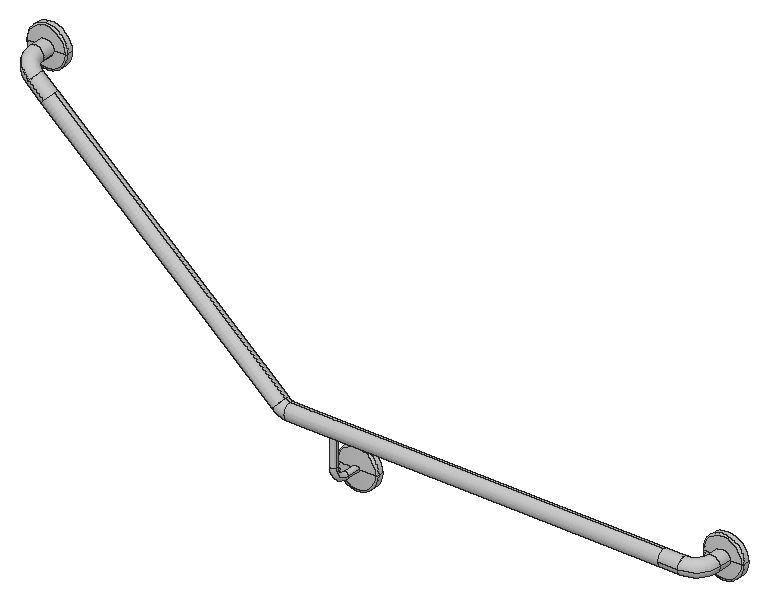
Revit family "RBA4040-810", category Plumbing Fixtures, Revit 2021
Family settings
  Round Connector Dimension = Use Diameter
  Part Type = Normal
  Work Plane-Based = No
  Always vertical = Yes
  Cut with Voids When Loaded = No
  Shared = No
  Room Calculation Point = No
Parameters (values of type "RBA4040-810")
  Watermarked By = "www.rba.com.au"
  URL = "www.rba.com.au"
  Phone Number = ""
  OFFSET = 800.00 mm
  Modified Issue = "20190802.01"
  Model = "RBA4040-810"
  Materials and Finishes = Stainless Steel Satin Finish
  Manufacturer Model = "B819487"
  Manufacturer = "Bobrick"
  Description = "40° Angled Grab Rail"
  Default Elevation = 0.00 mm
  Copyright by = "RBA Group"  # constant formula
  Assembly Code = ""
Reference planes
  plane 1 "Center (Front/Back)": y = 0
  plane 2: z = 0
  plane 3: x = 40.5
  plane 4: z = 800
  plane 5: z = 784
  plane 6: x = 1426.728
  plane 7: through (97.392, -4572, 1186.213) normal (0.6428, 0, 0.766)
  plane 8: x = 576.731
  plane 9: through (471.74, -4572, 658.876) normal (-0.766, 0, 0.6428)
  plane 10: through (13.824, -4572, 1202.16) normal (-0.766, 0, 0.6428)
  plane 11: y = -89
  plane 12: y = -57
  plane 13: z = 684
  plane 14: z = 1233.951
  plane 15: through (-2.724, 25.441, 601.01) normal (0.515, 0, 0.8572)
  plane 16: through (112.72, 25.441, 450.323) normal (-0.8572, 0, 0.515)
  plane 17: through (65.575, 25.441, 478.65) normal (-0.8572, 0, 0.515)
  plane 18: through (633.507, 25.441, 51.059) normal (0.515, 0, 0.8572)
  plane 19: through (748.951, 25.441, -99.629) normal (-0.8572, 0, 0.515)
  plane 20: through (701.806, 25.441, -71.301) normal (-0.8572, 0, 0.515)
  plane 21: through (1383.507, 25.441, 151.059) normal (0.515, 0, 0.8572)
  plane 22: through (1498.951, 25.441, 0.371) normal (-0.8572, 0, 0.515)
  plane 23: through (1451.806, 25.441, 28.699) normal (-0.8572, 0, 0.515)
  plane 24: y = -67
Forms (mm)
  Sweep 1, solid, material "Stainless Steel Satin Finish" <- "Materials and Finishes"
    path origin (81, -73, 397.941) x (-1, 0, 0) y (0, 0, -1)
      loop
        line (-1273.19, -386.059) -> (-507.378, -386.059)
        arc (-507.378, -386.059) -> (-496.434, -387.989) -> (-486.809, -393.546) r 32
        line (-486.809, -393.546) -> (-15.07, -789.382)
    profile origin (971.284, -73, 784) x (0, 0, -1) y (0, -1, 0)
      loop
        circle (0, 0) r 16
  Extrusion 2, solid, material "Stainless Steel Satin Finish" <- "Materials and Finishes"
    sketch origin (-22, -2.628, 918.044) x (0, 0, 1) y (1, 0, 0)
      loop
        circle (315.907, 62.5) r 40
    from -0.206 to 2.628
  Revolve 3, solid, material "Stainless Steel Satin Finish" <- "Materials and Finishes"
    sketch origin (-22, 18.663, 1233.951) x (-1, 0, 0) y (0, -1, 0)
      loop
        line (-62.5, 18.663) -> (-62.5, 33.781)
        arc (-62.5, 33.781) -> (-81.892, 33.334) -> (-101.243, 31.992) r 420.249
        arc (-101.243, 31.992) -> (-103.207, 31.014) -> (-104, 28.968) r 3.037
        line (-104, 28.968) -> (-104, 18.663) -> (-62.5, 18.663)
      axis (-62.5, 18.663) -> (-62.5, 33.781)
    angle from 0 to 360
  Extrusion 4, void
    sketch origin (-22.204, 34.941, 963.166) x (0.515038, 0, 0.857167) y (0.857167, 0, -0.515038)
      loop
        circle (290.148, -101.118) r 4.73
      loop
        circle (238.718, -70.216) r 4.73
      loop
        spline (289.65, -116.743) -> (288.097, -114.602) -> (286.273, -112.844) -> (284.294, -111.582) -> (282.285, -110.895) -> (280.373, -110.828) -> (278.681, -111.384) -> (277.316, -112.528) -> (276.363, -114.187) -> (275.884, -116.257) -> (275.909, -118.606) -> (276.436, -121.084) -> (277.432, -123.535)
        arc (277.432, -123.535) -> (283.84, -120.677) -> (289.65, -116.743) r 40
      loop
        spline (278.7, -48.359) -> (277.639, -50.765) -> (277.043, -53.209) -> (276.948, -55.539) -> (277.36, -57.607) -> (278.255, -59.285) -> (279.575, -60.466) -> (281.238, -61.077) -> (283.139, -61.08) -> (285.16, -60.473) -> (287.172, -59.296) -> (289.05, -57.621) -> (290.676, -55.555)
        arc (290.676, -55.555) -> (285.005, -51.43) -> (278.7, -48.359) r 40
      loop
        spline (224.895, -91.968) -> (227.527, -91.697) -> (229.962, -90.998) -> (232.048, -89.918) -> (233.65, -88.523) -> (234.668, -86.903) -> (235.037, -85.16) -> (234.734, -83.405) -> (233.777, -81.749) -> (232.228, -80.298) -> (230.184, -79.143) -> (227.776, -78.357) -> (225.156, -77.992)
        arc (225.156, -77.992) -> (224.41, -84.968) -> (224.895, -91.968) r 40
    from -37.775 to -34.941
  Extrusion 5, void
    sketch origin (40.5, 0, 1233.951) x (-1, 0, 0) y (0, -1, 0)
      loop
        line (-26.51, 2.834) -> (-36.201, 5.061) -> (-38.428, 2.834) -> (-26.51, 2.834)
    from -1.5 to 1.5
  Extrusion 6, void
    sketch origin (40.5, 0, 1233.951) x (0.498523, 0, -0.866876) y (0, -1, 0)
      loop
        line (-26.51, 2.834) -> (-36.201, 5.061) -> (-38.428, 2.834) -> (-26.51, 2.834)
    from -1.5 to 1.5
  Extrusion 7, void
    sketch origin (40.5, 0, 1233.951) x (0.499289, 0, 0.866436) y (0, -1, 0)
      loop
        line (-26.51, 2.834) -> (-36.201, 5.061) -> (-38.428, 2.834) -> (-26.51, 2.834)
    from -1.5 to 1.5
  Extrusion 8, solid, material "Stainless Steel Satin Finish" <- "Materials and Finishes"
    sketch origin (614.231, -2.628, 368.093) x (0, 0, 1) y (1, 0, 0)
      loop
        circle (315.907, 62.5) r 40
    from -0.206 to 2.628
  Revolve 9, solid, material "Stainless Steel Satin Finish" <- "Materials and Finishes"
    sketch origin (614.231, 18.663, 684) x (-1, 0, 0) y (0, -1, 0)
      loop
        line (-62.5, 18.663) -> (-62.5, 33.781)
        arc (-62.5, 33.781) -> (-81.892, 33.334) -> (-101.243, 31.992) r 420.249
        arc (-101.243, 31.992) -> (-103.207, 31.014) -> (-104, 28.968) r 3.037
        line (-104, 28.968) -> (-104, 18.663) -> (-62.5, 18.663)
      axis (-62.5, 18.663) -> (-62.5, 33.781)
    angle from 0 to 360
  Extrusion 10, void
    sketch origin (614.027, 34.941, 413.215) x (0.515038, 0, 0.857167) y (0.857167, 0, -0.515038)
      loop
        circle (290.148, -101.118) r 4.73
      loop
        circle (238.718, -70.216) r 4.73
      loop
        spline (289.65, -116.743) -> (288.097, -114.602) -> (286.273, -112.844) -> (284.294, -111.582) -> (282.285, -110.895) -> (280.373, -110.828) -> (278.681, -111.384) -> (277.316, -112.528) -> (276.363, -114.187) -> (275.884, -116.257) -> (275.909, -118.606) -> (276.436, -121.084) -> (277.432, -123.535)
        arc (277.432, -123.535) -> (283.84, -120.677) -> (289.65, -116.743) r 40
      loop
        spline (278.7, -48.359) -> (277.639, -50.765) -> (277.043, -53.209) -> (276.948, -55.539) -> (277.36, -57.607) -> (278.255, -59.285) -> (279.575, -60.466) -> (281.238, -61.077) -> (283.139, -61.08) -> (285.16, -60.473) -> (287.172, -59.296) -> (289.05, -57.621) -> (290.676, -55.555)
        arc (290.676, -55.555) -> (285.005, -51.43) -> (278.7, -48.359) r 40
      loop
        spline (224.895, -91.968) -> (227.527, -91.697) -> (229.962, -90.998) -> (232.048, -89.918) -> (233.65, -88.523) -> (234.668, -86.903) -> (235.037, -85.16) -> (234.734, -83.405) -> (233.777, -81.749) -> (232.228, -80.298) -> (230.184, -79.143) -> (227.776, -78.357) -> (225.156, -77.992)
        arc (225.156, -77.992) -> (224.41, -84.968) -> (224.895, -91.968) r 40
    from -37.775 to -34.941
  Extrusion 11, void
    sketch origin (676.731, 0, 684) x (-1, 0, 0) y (0, -1, 0)
      loop
        line (-26.51, 2.834) -> (-36.201, 5.061) -> (-38.428, 2.834) -> (-26.51, 2.834)
    from -1.5 to 1.5
  Extrusion 12, void
    sketch origin (676.731, 0, 684) x (0.498523, 0, -0.866876) y (0, -1, 0)
      loop
        line (-26.51, 2.834) -> (-36.201, 5.061) -> (-38.428, 2.834) -> (-26.51, 2.834)
    from -1.5 to 1.5
  Extrusion 13, solid, material "Stainless Steel Satin Finish" <- "Materials and Finishes"
    sketch origin (1364.231, -2.628, 468.093) x (0, 0, 1) y (1, 0, 0)
      loop
        circle (315.907, 62.5) r 40
    from -0.206 to 2.628
  Revolve 14, solid, material "Stainless Steel Satin Finish" <- "Materials and Finishes"
    sketch origin (1364.231, 18.663, 784) x (-1, 0, 0) y (0, -1, 0)
      loop
        line (-62.5, 18.663) -> (-62.5, 33.781)
        arc (-62.5, 33.781) -> (-81.892, 33.334) -> (-101.243, 31.992) r 420.249
        arc (-101.243, 31.992) -> (-103.207, 31.014) -> (-104, 28.968) r 3.037
        line (-104, 28.968) -> (-104, 18.663) -> (-62.5, 18.663)
      axis (-62.5, 18.663) -> (-62.5, 33.781)
    angle from 0 to 360
  Extrusion 15, void
    sketch origin (1364.027, 34.941, 513.215) x (0.515038, 0, 0.857167) y (0.857167, 0, -0.515038)
      loop
        circle (290.148, -101.118) r 4.73
      loop
        circle (238.718, -70.216) r 4.73
      loop
        spline (289.65, -116.743) -> (288.097, -114.602) -> (286.273, -112.844) -> (284.294, -111.582) -> (282.285, -110.895) -> (280.373, -110.828) -> (278.681, -111.384) -> (277.316, -112.528) -> (276.363, -114.187) -> (275.884, -116.257) -> (275.909, -118.606) -> (276.436, -121.084) -> (277.432, -123.535)
        arc (277.432, -123.535) -> (283.84, -120.677) -> (289.65, -116.743) r 40
      loop
        spline (278.7, -48.359) -> (277.639, -50.765) -> (277.043, -53.209) -> (276.948, -55.539) -> (277.36, -57.607) -> (278.255, -59.285) -> (279.575, -60.466) -> (281.238, -61.077) -> (283.139, -61.08) -> (285.16, -60.473) -> (287.172, -59.296) -> (289.05, -57.621) -> (290.676, -55.555)
        arc (290.676, -55.555) -> (285.005, -51.43) -> (278.7, -48.359) r 40
      loop
        spline (224.895, -91.968) -> (227.527, -91.697) -> (229.962, -90.998) -> (232.048, -89.918) -> (233.65, -88.523) -> (234.668, -86.903) -> (235.037, -85.16) -> (234.734, -83.405) -> (233.777, -81.749) -> (232.228, -80.298) -> (230.184, -79.143) -> (227.776, -78.357) -> (225.156, -77.992)
        arc (225.156, -77.992) -> (224.41, -84.968) -> (224.895, -91.968) r 40
    from -37.775 to -34.941
  Extrusion 16, void
    sketch origin (1426.731, 0, 784) x (-1, 0, 0) y (0, -1, 0)
      loop
        line (-26.51, 2.834) -> (-36.201, 5.061) -> (-38.428, 2.834) -> (-26.51, 2.834)
    from -1.5 to 1.5
  Extrusion 17, void
    sketch origin (1426.731, 0, 784) x (0.498523, 0, -0.866876) y (0, -1, 0)
      loop
        line (-26.51, 2.834) -> (-36.201, 5.061) -> (-38.428, 2.834) -> (-26.51, 2.834)
    from -1.5 to 1.5
  Extrusion 18, void
    sketch origin (1426.731, 0, 784) x (0.499289, 0, 0.866436) y (0, -1, 0)
      loop
        line (-26.51, 2.834) -> (-36.201, 5.061) -> (-38.428, 2.834) -> (-26.51, 2.834)
    from -1.5 to 1.5
  Extrusion 19, void
    sketch origin (676.731, 0, 684) x (0.499289, 0, 0.866436) y (0, -1, 0)
      loop
        line (-26.51, 2.834) -> (-36.201, 5.061) -> (-38.428, 2.834) -> (-26.51, 2.834)
    from -1.5 to 1.5
  Sweep 20, solid, material "Stainless Steel Satin Finish" <- "Materials and Finishes"
    path origin (971.284, -73, 784) x (0, 0, -1) y (0, -1, 0)
      loop
        line (10, 0) -> (70, 0)
        arc (70, 0) -> (91.213, -8.787) -> (100, -30) r 30
        line (100, -30) -> (100, -60.166)
    profile origin (971.284, -73, 744) x (-1, 0, 0) y (0, -1, 0)
      loop
        circle (294.553, 0) r 6
  Sweep 21, solid, material "Stainless Steel Satin Finish" <- "Materials and Finishes"
    path origin (71.525, 0, 1207.918) x (-0.766044, 0, 0.642788) y (0, -1, 0)
      loop
        line (40.5, 10) -> (40.5, 41)
        arc (40.5, 41) -> (31.127, 63.627) -> (8.5, 73) r 32
        line (8.5, 73) -> (-32.041, 73)
    profile origin (40.5, -25.5, 1233.951) x (0.766044, 0, -0.642788) y (0.642788, 0, 0.766044)
      loop
        circle (0, 0) r 16
  Sweep 22, solid, material "Stainless Steel Satin Finish" <- "Materials and Finishes"
    path origin (1386.231, 0, 784) x (1, 0, 0) y (0, 1, 0)
      loop
        line (40.5, -10) -> (40.5, -41)
        arc (40.5, -41) -> (31.127, -63.627) -> (8.5, -73) r 32
        line (8.5, -73) -> (-32.041, -73)
    profile origin (1426.731, -25.5, 784) x (1, 0, 0) y (0, 0, 1)
      loop
        circle (0, 0) r 16
Cuts and joins
  Extrusion 4 cuts Extrusion 2
  Extrusion 10 cuts Extrusion 8
  Extrusion 15 cuts Extrusion 13
  Extrusion 4, Extrusion 5, Extrusion 6, Extrusion 7 cuts Revolve 3
  Extrusion 10, Extrusion 11, Extrusion 12, Extrusion 19 cuts Revolve 9
  Extrusion 15, Extrusion 16, Extrusion 17, Extrusion 18 cuts Revolve 14
  joined: Sweep 1, Revolve 3, Revolve 9, Revolve 14, Sweep 20, Sweep 21, Sweep 22
Dimensions and locks
  "OFFSET": plane 4 to plane 2
  plane 16 to plane 17 = 55.00 mm
  plane 19 to plane 20 = 55.00 mm
  plane 22 to plane 23 = 55.00 mm
  aligned and locked: Revolve 3 to Extrusion 2
  aligned and locked: Extrusion 2 to Extrusion 4
  aligned and locked: Revolve 9 to Extrusion 8
  aligned and locked: Extrusion 8 to Extrusion 10
  aligned and locked: Revolve 14 to Extrusion 13
  aligned and locked: Extrusion 13 to Extrusion 15
Automatic sketch dimensions
  Sweep 1 sketch curve to plane 8 = 11.647 mm
  Sweep 1 sketch curve to Sweep 1 sketch curve = 20.569 mm
  level to Sweep 1 sketch curve = 816.00 mm
  Sweep 1 sketch curve to Sweep 1 sketch curve = 24.513 mm
  plane 6 to Sweep 1 sketch curve = 72.538 mm
  plane 3 to Sweep 1 sketch curve = 55.57 mm
  plane 13 to Sweep 1 sketch curve = 503.323 mm
  Sweep 1 sketch curve to profile plane = 0.00 mm  (x2)
  plane 13 to Extrusion 2 sketch curve = 549.951 mm
  plane 3 to Extrusion 2 sketch curve = 0.00 mm
  plane 1 "Center (Front/Back)" to Revolve 3 sketch curve = 0.00 mm
  plane 3 to Revolve 3 sketch curve = 41.50 mm
  Revolve 3 sketch curve to Revolve 3 sketch curve = 3.037 mm
  Revolve 3 sketch curve to Revolve 3 sketch curve = 38.463 mm
  Revolve 3 sketch curve to plane 1 "Center (Front/Back)" = 405.131 mm
  plane 1 "Center (Front/Back)" to Revolve 3 sketch curve = 10.305 mm
  Revolve 3 sketch curve to Revolve 3 sketch curve = 15.118 mm
  Revolve 3 sketch curve to Revolve 3 sketch curve = 0.00 mm  (x2)
  Revolve 3 sketch curve to plane 1 "Center (Front/Back)" = 21.537 mm
  Revolve 3 sketch curve to plane 12 = 13.537 mm
  Extrusion 4 sketch curve to Extrusion 4 sketch curve = 0.00 mm  (x6)
  Extrusion 4 sketch curve to plane 15 = 539.113 mm
  Extrusion 4 sketch curve to Extrusion 4 sketch curve = 25.685 mm
  Extrusion 4 sketch curve to Extrusion 4 sketch curve = 25.745 mm
  Extrusion 4 sketch curve to plane 17 = 425.904 mm
  Extrusion 4 sketch curve to Extrusion 4 sketch curve = 15.402 mm
  Extrusion 4 sketch curve to Extrusion 4 sketch curve = 15.501 mm
  Extrusion 4 sketch curve to Extrusion 4 sketch curve = 13.562 mm
  Extrusion 4 sketch curve to Extrusion 4 sketch curve = 0.262 mm
  Extrusion 4 sketch curve to Extrusion 4 sketch curve = 0.456 mm
  Extrusion 4 sketch curve to Extrusion 4 sketch curve = 10.598 mm
  Extrusion 4 sketch curve to Extrusion 4 sketch curve = 12.716 mm
  Extrusion 4 sketch curve to Extrusion 4 sketch curve = 14.297 mm
  Extrusion 4 sketch curve to Extrusion 4 sketch curve = 6.393 mm
  Extrusion 4 sketch curve to Extrusion 4 sketch curve = 6.334 mm
  Extrusion 4 sketch curve to Extrusion 4 sketch curve = 5.139 mm
  Extrusion 4 sketch curve to Extrusion 4 sketch curve = 5.824 mm
  Extrusion 4 sketch curve to Extrusion 4 sketch curve = 5.459 mm
  Extrusion 4 sketch curve to Extrusion 4 sketch curve = 5.642 mm
  Extrusion 4 sketch curve to Extrusion 4 sketch curve = 15.625 mm
  Extrusion 4 sketch curve to Extrusion 4 sketch curve = 21.752 mm
  Extrusion 4 sketch curve to Extrusion 4 sketch curve = 30.162 mm
  plane 1 "Center (Front/Back)" to Extrusion 5 sketch curve = 2.834 mm
  plane 3 to Extrusion 5 sketch curve = 38.428 mm
  plane 1 "Center (Front/Back)" to Extrusion 5 sketch curve = 5.061 mm
  Extrusion 5 sketch curve to Extrusion 5 sketch curve = 2.227 mm
  Extrusion 5 sketch curve to Extrusion 5 sketch curve = 9.691 mm
  plane 1 "Center (Front/Back)" to Extrusion 6 sketch curve = 2.834 mm
  plane 1 "Center (Front/Back)" to Extrusion 6 sketch curve = 5.061 mm
  Extrusion 6 sketch curve to Extrusion 6 sketch curve = 2.227 mm
  Extrusion 6 sketch curve to Extrusion 6 sketch curve = 9.691 mm
  plane 1 "Center (Front/Back)" to Extrusion 7 sketch curve = 2.834 mm
  plane 1 "Center (Front/Back)" to Extrusion 7 sketch curve = 5.061 mm
  Extrusion 7 sketch curve to Extrusion 7 sketch curve = 2.227 mm
  Extrusion 7 sketch curve to Extrusion 7 sketch curve = 9.691 mm
  level to Extrusion 8 sketch curve = 684.00 mm
  Extrusion 8 sketch curve to plane 8 = 100.00 mm
  plane 1 "Center (Front/Back)" to Revolve 9 sketch curve = 0.00 mm
  Revolve 9 sketch curve to plane 8 = 141.50 mm
  Revolve 9 sketch curve to Revolve 9 sketch curve = 3.037 mm
  Revolve 9 sketch curve to Revolve 9 sketch curve = 38.463 mm
  Revolve 9 sketch curve to plane 1 "Center (Front/Back)" = 405.131 mm
  plane 1 "Center (Front/Back)" to Revolve 9 sketch curve = 10.305 mm
  Revolve 9 sketch curve to Revolve 9 sketch curve = 15.118 mm
  Revolve 9 sketch curve to Revolve 9 sketch curve = 0.00 mm  (x2)
  Revolve 9 sketch curve to plane 1 "Center (Front/Back)" = 21.537 mm
  Revolve 9 sketch curve to plane 12 = 13.537 mm
  Extrusion 10 sketch curve to Extrusion 10 sketch curve = 0.00 mm  (x6)
  level to Extrusion 10 sketch curve = 684.00 mm  (x2)
  Extrusion 10 sketch curve to plane 18 = 539.113 mm
  Extrusion 10 sketch curve to Extrusion 10 sketch curve = 25.685 mm
  Extrusion 10 sketch curve to Extrusion 10 sketch curve = 25.745 mm
  Extrusion 10 sketch curve to Extrusion 10 sketch curve = 15.402 mm
  Extrusion 10 sketch curve to Extrusion 10 sketch curve = 15.501 mm
  Extrusion 10 sketch curve to Extrusion 10 sketch curve = 13.562 mm
  Extrusion 10 sketch curve to Extrusion 10 sketch curve = 0.262 mm
  Extrusion 10 sketch curve to Extrusion 10 sketch curve = 0.456 mm
  Extrusion 10 sketch curve to Extrusion 10 sketch curve = 10.598 mm
  Extrusion 10 sketch curve to Extrusion 10 sketch curve = 12.716 mm
  Extrusion 10 sketch curve to Extrusion 10 sketch curve = 14.297 mm
  Extrusion 10 sketch curve to Extrusion 10 sketch curve = 6.393 mm
  Extrusion 10 sketch curve to Extrusion 10 sketch curve = 6.334 mm
  Extrusion 10 sketch curve to Extrusion 10 sketch curve = 5.139 mm
  Extrusion 10 sketch curve to Extrusion 10 sketch curve = 5.824 mm
  Extrusion 10 sketch curve to Extrusion 10 sketch curve = 5.459 mm
  Extrusion 10 sketch curve to Extrusion 10 sketch curve = 5.642 mm
  Extrusion 10 sketch curve to Extrusion 10 sketch curve = 21.752 mm
  Extrusion 10 sketch curve to Extrusion 10 sketch curve = 15.625 mm
  plane 1 "Center (Front/Back)" to Extrusion 11 sketch curve = 2.834 mm
  Extrusion 11 sketch curve to plane 8 = 138.428 mm
  plane 1 "Center (Front/Back)" to Extrusion 11 sketch curve = 5.061 mm
  Extrusion 11 sketch curve to Extrusion 11 sketch curve = 2.227 mm
  Extrusion 11 sketch curve to Extrusion 11 sketch curve = 9.691 mm
  plane 1 "Center (Front/Back)" to Extrusion 12 sketch curve = 2.834 mm
  plane 1 "Center (Front/Back)" to Extrusion 12 sketch curve = 5.061 mm
  Extrusion 12 sketch curve to Extrusion 12 sketch curve = 2.227 mm
  Extrusion 12 sketch curve to Extrusion 12 sketch curve = 9.691 mm
  level to Extrusion 13 sketch curve = 784.00 mm
  Extrusion 13 sketch curve to plane 6 = 0.003 mm
  plane 1 "Center (Front/Back)" to Revolve 14 sketch curve = 0.00 mm
  Revolve 14 sketch curve to plane 6 = 41.503 mm
  Revolve 14 sketch curve to Revolve 14 sketch curve = 3.037 mm
  Revolve 14 sketch curve to Revolve 14 sketch curve = 38.463 mm
  Revolve 14 sketch curve to plane 1 "Center (Front/Back)" = 405.131 mm
  plane 1 "Center (Front/Back)" to Revolve 14 sketch curve = 10.305 mm
  Revolve 14 sketch curve to Revolve 14 sketch curve = 15.118 mm
  Revolve 14 sketch curve to Revolve 14 sketch curve = 0.00 mm  (x2)
  Revolve 14 sketch curve to plane 1 "Center (Front/Back)" = 21.537 mm
  Revolve 14 sketch curve to plane 12 = 13.537 mm
  Extrusion 15 sketch curve to Extrusion 15 sketch curve = 0.00 mm  (x6)
  Extrusion 15 sketch curve to plane 21 = 539.113 mm
  Extrusion 15 sketch curve to Extrusion 15 sketch curve = 25.685 mm
  Extrusion 15 sketch curve to Extrusion 15 sketch curve = 25.745 mm
  Extrusion 15 sketch curve to plane 23 = 425.904 mm
  Extrusion 15 sketch curve to Extrusion 15 sketch curve = 15.402 mm
  Extrusion 15 sketch curve to Extrusion 15 sketch curve = 15.501 mm
  Extrusion 15 sketch curve to Extrusion 15 sketch curve = 13.562 mm
  Extrusion 15 sketch curve to Extrusion 15 sketch curve = 0.262 mm
  Extrusion 15 sketch curve to Extrusion 15 sketch curve = 0.456 mm
  Extrusion 15 sketch curve to Extrusion 15 sketch curve = 10.598 mm
  Extrusion 15 sketch curve to Extrusion 15 sketch curve = 12.716 mm
  Extrusion 15 sketch curve to Extrusion 15 sketch curve = 14.297 mm
  Extrusion 15 sketch curve to Extrusion 15 sketch curve = 6.393 mm
  Extrusion 15 sketch curve to Extrusion 15 sketch curve = 6.334 mm
  Extrusion 15 sketch curve to Extrusion 15 sketch curve = 5.139 mm
  Extrusion 15 sketch curve to Extrusion 15 sketch curve = 5.824 mm
  Extrusion 15 sketch curve to Extrusion 15 sketch curve = 5.459 mm
  Extrusion 15 sketch curve to Extrusion 15 sketch curve = 5.642 mm
  Extrusion 15 sketch curve to Extrusion 15 sketch curve = 15.625 mm
  Extrusion 15 sketch curve to Extrusion 15 sketch curve = 21.752 mm
  Extrusion 15 sketch curve to Extrusion 15 sketch curve = 30.162 mm
  plane 1 "Center (Front/Back)" to Extrusion 16 sketch curve = 2.834 mm
  Extrusion 16 sketch curve to plane 6 = 38.431 mm
  plane 1 "Center (Front/Back)" to Extrusion 16 sketch curve = 5.061 mm
  Extrusion 16 sketch curve to Extrusion 16 sketch curve = 2.227 mm
  Extrusion 16 sketch curve to Extrusion 16 sketch curve = 9.691 mm
  plane 1 "Center (Front/Back)" to Extrusion 17 sketch curve = 2.834 mm
  plane 1 "Center (Front/Back)" to Extrusion 17 sketch curve = 5.061 mm
  Extrusion 17 sketch curve to Extrusion 17 sketch curve = 2.227 mm
  Extrusion 17 sketch curve to Extrusion 17 sketch curve = 9.691 mm
  plane 1 "Center (Front/Back)" to Extrusion 18 sketch curve = 2.834 mm
  plane 1 "Center (Front/Back)" to Extrusion 18 sketch curve = 5.061 mm
  Extrusion 18 sketch curve to Extrusion 18 sketch curve = 2.227 mm
  Extrusion 18 sketch curve to Extrusion 18 sketch curve = 9.691 mm
  plane 1 "Center (Front/Back)" to Extrusion 19 sketch curve = 2.834 mm
  plane 1 "Center (Front/Back)" to Extrusion 19 sketch curve = 5.061 mm
  Extrusion 19 sketch curve to Extrusion 19 sketch curve = 2.227 mm
  Extrusion 19 sketch curve to Extrusion 19 sketch curve = 9.691 mm
  Sweep 20 sketch curve to profile plane = 0.00 mm
  profile plane to Sweep 20 sketch curve = 294.553 mm
  Sweep 21 sketch curve to plane 11 = 16.00 mm
  plane 9 to Sweep 21 sketch curve = 668.00 mm
  Sweep 21 sketch curve to plane 12 = 16.00 mm
  Sweep 21 sketch curve to Sweep 21 sketch curve = 40.541 mm
  plane 1 "Center (Front/Back)" to Sweep 21 sketch curve = 10.00 mm
  profile plane to Sweep 21 sketch curve = 0.00 mm
  Sweep 21 sketch curve to profile plane = 0.00 mm
  Sweep 22 sketch curve to plane 11 = 16.00 mm
  plane 6 to Sweep 22 sketch curve = 31.997 mm
  Sweep 22 sketch curve to plane 12 = 16.00 mm
  plane 6 to Sweep 22 sketch curve = 72.538 mm
  plane 1 "Center (Front/Back)" to Sweep 22 sketch curve = 10.00 mm
  profile plane to Sweep 22 sketch curve = 0.00 mm
  Sweep 22 sketch curve to profile plane = 0.00 mm
  Sweep 20 sketch curve to plane 13 = 0.00 mm
  Sweep 20 sketch curve to plane 24 = 6.00 mm
  plane 13 to Sweep 20 sketch curve = 30.00 mm
  plane 5 to Sweep 20 sketch curve = 10.00 mm
  plane 1 "Center (Front/Back)" to Sweep 20 sketch curve = 12.834 mm
  radius of Sweep 1 sketch curve = 16.00 mm
  radius of Extrusion 2 sketch curve = 40.00 mm
  radius of Extrusion 4 sketch curve = 4.73 mm  (x2)
  radius of Extrusion 8 sketch curve = 40.00 mm
  radius of Extrusion 10 sketch curve = 4.73 mm  (x2)
  radius of Extrusion 13 sketch curve = 40.00 mm
  radius of Extrusion 15 sketch curve = 4.73 mm  (x2)
  radius of Sweep 20 sketch curve = 6.00 mm
  radius of Sweep 21 sketch curve = 16.00 mm
  radius of Sweep 22 sketch curve = 16.00 mm
